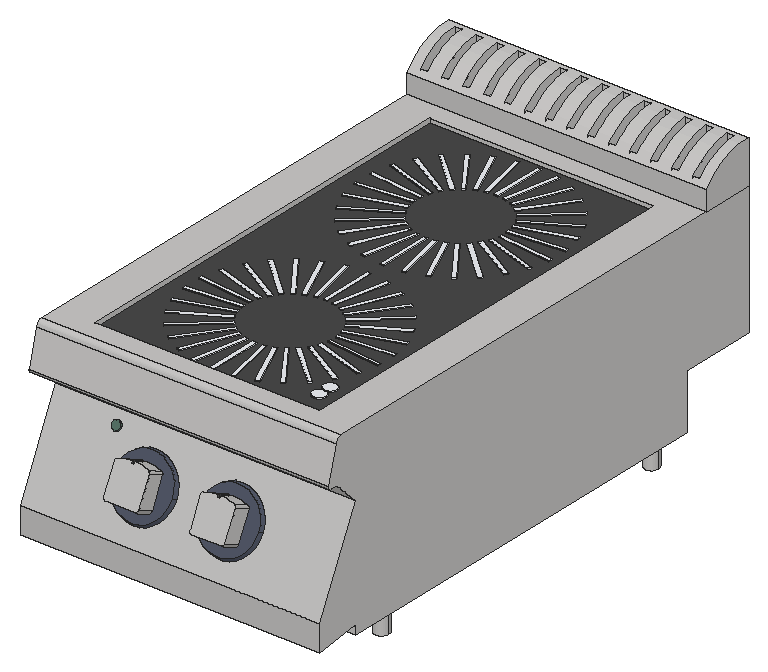
Revit family "QF_ZANUSSI_372024_Z7IRED2000", category Specialty Equipment, Revit 2018
Family settings
  Round Connector Dimension = Use Diameter
  Part Type = Normal
  Work Plane-Based = No
  Always vertical = Yes
  Cut with Voids When Loaded = No
  Shared = No
  Room Calculation Point = No
Parameters
  Width = 400.00 mm  # constant formula
  Weight in Pounds = 33  # constant formula
  Weight = 0.00 kg
  Watts = 4400 W  # constant formula
  Volts = 400 V  # constant formula
  URL Manufacturer = "http://www.zanussiprofessional.com"
  URL Cutsheet = "www.electrolux.com/foodservice"
  URL = "http://www.zanussiprofessional.com"
  Type Mark [instance] = ""
  Steam Supply Size = 0"
  Steam Supply Minimum Pressure = 0.00 psi
  Steam Supply Maximum Pressure = 0.00 psi
  Steam Pounds per Hour = 0
  Status [instance] = ""
  Specification by User [instance] = ""
  Specification by Manufacturer = ""
  Show Logo [instance] = yes
  Show Clearance [instance] = yes
  Serial Number = ""
  Seismic Rating = ""
  SMACNA No = ""
  Revision Code [instance] = ""
  Refrigeration Suction Line Size = 0"
  Refrigeration Liquid Line Size = 0"
  Refrigerant Compressor Remote = yes
  Phase = 3  # constant formula
  Omniclass Number and Title = ""
  Number of Poles [instance] = 1
  NAFEM Spec ID Number = ""
  Model = "Z7IRED2000"
  Min Ckt Ampacity = 0 A
  Max Overcurrent Protection = 0 A
  Masterspec = ""
  Manufacturer = "Zanussi"
  Length Actual = 400.00 mm  # constant formula
  Item Number [instance] = "372024"
  Installed By [instance] = ""
  Identify Quantity as Lot [instance] = yes
  Hot Water Size = 0"
  Height Actual = 250.00 mm  # constant formula
  Height = 332.00 mm  # constant formula
  HP = "5.9 HP"
  Gas Size = 0"
  Gas KW = 0
  Gas Input = 0.0 Btu/h
  Furnished By [instance] = ""
  Foodservice Equipment Identifier [instance] = yes
  FL Amps = if(Phase = 3, Watts / (Volts * 1.73), Watts / Volts)  # 6.35838 A
  Electrical Remarks [instance] = "400 V/3N ph/50/60 Hz"  # constant formula
  Electric Connection Type [instance] = ""
  Elec Conn RI Height [instance] = 0.00 mm
  Elec Conn Connection Height [instance] = 0.00 mm
  Direct Waste Size = 0"
  Description = "INFRARED COOKING TOP 400 MM"
  Depth Actual = 700.00 mm  # constant formula
  Depth = 715.00 mm  # constant formula
  Cycle = if([60 Hertz Option], 60 Hz, 50 Hz)  # 60 Hz
  Conn Plug = ""
  Conn Conduit = yes
  Condensate Return Size = 0"
  Compressed Air Volume = 0 GPM
  Compressed Air Size = 0"
  Compressed Air Pressure = 0.00 psi
  Cold Water Size = 0"
  CSI MasterFormat = ""
  CSI Master Format = ""
  Base Height [instance] = 24.00 mm  # constant formula
  Apparent Power = if(Phase = 3, Volts * FL Amps * 1.73, Volts * FL Amps)  # 4400 VA
  Accessory = yes
  60 Hertz Option = not([50 Hertz Option])  # yes
  50 Hertz Option = no
Reference planes
  plane 1 "BACK": y = 0
  plane 2: z = 0
  plane 3 "LEFT": x = 0
  plane 4 "RIGHT": x = 400
  plane 5 "FRONT": y = -715
  plane 6 "TOP": z = 332
  plane 7 "Center Y": x = 200
  plane 8 "Center X": y = -357.5
  plane 9 "BASE": z = 24
  plane 10 "TOP A": z = 274
  plane 11: y = -597.884
  plane 12: y = -147.637
  plane 13: y = -700
  plane 14 "panel": through (-6096, -715, 63.746) normal (0, 0.8956, -0.4448)
Forms (mm)
  Extrusion 1, solid, material "QF_Finishes_Stainless Steel"
    sketch origin (0, 0, 0) x (0, 1, 0) y (0, 0, 1)
      loop
        line (0, 98) -> (0, 274) -> (-679.358, 274)
        arc (-679.358, 274) -> (-684.643, 271.811) -> (-686.833, 266.526) r 7.474
        line (-686.833, 266.526) -> (-699.884, 221.011)
        arc (-699.884, 221.011) -> (-699.396, 218.379) -> (-697, 217.184) r 3
        line (-697, 217.184) -> (-686.802, 217.184) -> (-654.982, 185.364) -> (-715, 64.508) -> (-715, 29.508) -> (-658.645, 37.428)
        arc (-658.645, 37.428) -> (-656.101, 36.674) -> (-655, 34.259) r 3.2
        line (-655, 34.259) -> (-655, 24) -> (-103, 24) -> (-103, 98) -> (0, 98)
    from 0 to 400
  Extrusion 2, solid, material "QF_Finishes_Stainless Steel"
    sketch origin (0, 0, 0) x (0, 1, 0) y (0, 0, 1)
      loop
        line (0, 274) -> (0, 332)
        arc (0, 332) -> (-38.715, 323.821) -> (-69.85, 299.4) r 87.358
        line (-69.85, 299.4) -> (-69.85, 274) -> (0, 274)
    from 0 to 400
  Extrusion 3, void
    sketch origin (0, 0, 274) x (-1, 0, 0) y (0, -1, 0)
      loop
        line (-50, 93.262) -> (-50, 653.262) -> (-350, 653.262) -> (-350, 93.262) -> (-50, 93.262)
    from 0 to -6.35
  Extrusion 4, void
    sketch origin (0, 0, 274) x (-1, 0, 0) y (0, -1, 0)
      loop
        line (-13.453, 6.761) -> (-13.453, 63.911) -> (-22.749, 63.911) -> (-22.749, 6.761) -> (-13.453, 6.761)
    from 25.4 to 63.5
  Extrusion 5, void
    sketch origin (400.05, 0, 274) x (1, 0, 0) y (0, 1, 0)
      loop
        line (-13.503, -6.761) -> (-22.799, -6.761) -> (-22.799, -63.911) -> (-13.503, -63.911) -> (-13.503, -6.761)
    from 25.4 to 63.5
  Extrusion 6, void
    sketch origin (27.988, 0, 274) x (-1, 0, 0) y (0, -1, 0)
      loop
        line (-13.453, 6.761) -> (-13.453, 63.911) -> (-22.749, 63.911) -> (-22.749, 6.761) -> (-13.453, 6.761)
    from 25.4 to 63.5
  Extrusion 7, void
    sketch origin (55.977, 0, 274) x (-1, 0, 0) y (0, -1, 0)
      loop
        line (-13.453, 6.761) -> (-13.453, 63.911) -> (-22.749, 63.911) -> (-22.749, 6.761) -> (-13.453, 6.761)
    from 25.4 to 63.5
  Extrusion 8, void
    sketch origin (83.965, 0, 274) x (-1, 0, 0) y (0, -1, 0)
      loop
        line (-13.428, 6.761) -> (-13.428, 63.911) -> (-22.724, 63.911) -> (-22.724, 6.761) -> (-13.428, 6.761)
    from 25.4 to 63.5
  Extrusion 9, void
    sketch origin (111.953, 0, 274) x (-1, 0, 0) y (0, -1, 0)
      loop
        line (-13.428, 6.761) -> (-13.428, 63.911) -> (-22.724, 63.911) -> (-22.724, 6.761) -> (-13.428, 6.761)
    from 25.4 to 63.5
  Extrusion 10, void
    sketch origin (139.942, 0, 274) x (-1, 0, 0) y (0, -1, 0)
      loop
        line (-13.428, 6.761) -> (-13.428, 63.911) -> (-22.724, 63.911) -> (-22.724, 6.761) -> (-13.428, 6.761)
    from 25.4 to 63.5
  Extrusion 11, void
    sketch origin (167.93, 0, 274) x (-1, 0, 0) y (0, -1, 0)
      loop
        line (-13.428, 6.761) -> (-13.428, 63.911) -> (-22.724, 63.911) -> (-22.724, 6.761) -> (-13.428, 6.761)
    from 25.4 to 63.5
  Extrusion 12, void
    sketch origin (195.918, 0, 274) x (-1, 0, 0) y (0, -1, 0)
      loop
        line (-13.428, 6.761) -> (-13.428, 63.911) -> (-22.724, 63.911) -> (-22.724, 6.761) -> (-13.428, 6.761)
    from 25.4 to 63.5
  Extrusion 13, void
    sketch origin (223.907, 0, 274) x (-1, 0, 0) y (0, -1, 0)
      loop
        line (-13.428, 6.761) -> (-13.428, 63.911) -> (-22.724, 63.911) -> (-22.724, 6.761) -> (-13.428, 6.761)
    from 25.4 to 63.5
  Extrusion 14, void
    sketch origin (251.895, 0, 274) x (-1, 0, 0) y (0, -1, 0)
      loop
        line (-13.428, 6.761) -> (-13.428, 63.911) -> (-22.724, 63.911) -> (-22.724, 6.761) -> (-13.428, 6.761)
    from 25.4 to 63.5
  Extrusion 15, void
    sketch origin (279.884, 0, 274) x (-1, 0, 0) y (0, -1, 0)
      loop
        line (-13.403, 6.761) -> (-13.403, 63.911) -> (-22.699, 63.911) -> (-22.699, 6.761) -> (-13.403, 6.761)
    from 25.4 to 63.5
  Extrusion 16, void
    sketch origin (307.872, 0, 274) x (-1, 0, 0) y (0, -1, 0)
      loop
        line (-13.403, 6.761) -> (-13.403, 63.911) -> (-22.699, 63.911) -> (-22.699, 6.761) -> (-13.403, 6.761)
    from 25.4 to 63.5
  Extrusion 17, void
    sketch origin (335.86, 0, 274) x (-1, 0, 0) y (0, -1, 0)
      loop
        line (-13.403, 6.761) -> (-13.403, 63.911) -> (-22.699, 63.911) -> (-22.699, 6.761) -> (-13.403, 6.761)
    from 25.4 to 63.5
  Extrusion 18, solid, material "QF_Finishes_Stainless Steel"
    sketch origin (0, 0, 0) x (1, 0, 0) y (0, 1, 0)
      loop
        circle (11.112, -147.638) r 9.525
      loop
        circle (11.112, -597.884) r 9.525
      loop
        circle (388.887, -147.638) r 9.525
      loop
        circle (388.887, -597.884) r 9.525
    from 0 to 24
  Extrusion 19, solid, material "QF_Finishes_Stainless Steel"
    sketch origin (11.5, -101.6, 101.788) x (0, 0, -1) y (-1, 0, 0)
      loop
        circle (43.882, -336.5) r 12.7
    from -1.4 to 12.7
  Extrusion 20, solid, material "QF_Finishes_Clearance", visible <- "Show Clearance", detail levels coarse
    sketch origin (0, 0, 0) x (1, 0, 0) y (0, 1, 0)
      loop
        line (0, -715) -> (0, 0) -> (400, 0) -> (400, -715) -> (550.019, -715) -> (550.019, 150.019) -> (-150.019, 150.019) -> (-150.019, -715) -> (0, -715)
    from 0 to 332
  Extrusion 21, solid, material "QF_Finishes_White"
    sketch origin (0, 0, 267.65) x (-1, 0, 0) y (0, -1, 0)
      loop
        line (-196.926, 361.478) -> (-201.926, 361.478) -> (-201.926, 288.082) -> (-196.926, 288.082) -> (-196.926, 361.478)
    from 0 to 0.8
  Extrusion 22, solid, material "QF_Finishes_White"
    sketch origin (52.177, 36.558, 267.65) x (-0.978148, 0.207912, 0) y (-0.207912, -0.978148, 0)
      loop
        line (-196.926, 361.478) -> (-201.926, 361.478) -> (-201.926, 288.082) -> (-196.926, 288.082) -> (-196.926, 361.478)
    from 0 to 0.8
  Extrusion 23, solid, material "QF_Finishes_White"
    sketch origin (-43.436, -46.607, 267.65) x (-0.978148, -0.207912, 0) y (0.207912, -0.978148, 0)
      loop
        line (-196.926, 361.478) -> (-201.926, 361.478) -> (-201.926, 288.082) -> (-196.926, 288.082) -> (-196.926, 361.478)
    from 0 to 0.8
  Extrusion 24, solid, material "QF_Finishes_White"
    sketch origin (-76.233, -101.226, 267.65) x (-0.913545, -0.406737, 0) y (0.406737, -0.913545, 0)
      loop
        line (-196.926, 361.478) -> (-201.926, 361.478) -> (-201.926, 288.082) -> (-196.926, 288.082) -> (-196.926, 361.478)
    from 0 to 0.8
  Extrusion 25, solid, material "QF_Finishes_White"
    sketch origin (-96.957, -161.471, 267.65) x (-0.809017, -0.587785, 0) y (0.587785, -0.809017, 0)
      loop
        line (-196.926, 361.478) -> (-201.926, 361.478) -> (-201.926, 288.082) -> (-196.926, 288.082) -> (-196.926, 361.478)
    from 0 to 0.8
  Extrusion 26, solid, material "QF_Finishes_White"
    sketch origin (-104.703, -224.708, 267.65) x (-0.669131, -0.743145, 0) y (0.743145, -0.669131, 0)
      loop
        line (-196.926, 361.478) -> (-201.926, 361.478) -> (-201.926, 288.082) -> (-196.926, 288.082) -> (-196.926, 361.478)
    from 0 to 0.8
  Extrusion 27, solid, material "QF_Finishes_White"
    sketch origin (-99.132, -288.174, 267.65) x (-0.5, -0.866025, 0) y (0.866025, -0.5, 0)
      loop
        line (-196.926, 361.478) -> (-201.926, 361.478) -> (-201.926, 288.082) -> (-196.926, 288.082) -> (-196.926, 361.478)
    from 0 to 0.8
  Extrusion 28, solid, material "QF_Finishes_White"
    sketch origin (-80.487, -349.094, 267.65) x (-0.309017, -0.951057, 0) y (0.951057, -0.309017, 0)
      loop
        line (-196.926, 361.478) -> (-201.926, 361.478) -> (-201.926, 288.082) -> (-196.926, 288.082) -> (-196.926, 361.478)
    from 0 to 0.8
  Extrusion 29, solid, material "QF_Finishes_White"
    sketch origin (-49.583, -404.807, 267.65) x (-0.104528, -0.994522, 0) y (0.994522, -0.104528, 0)
      loop
        line (-196.926, 361.478) -> (-201.926, 361.478) -> (-201.926, 288.082) -> (-196.926, 288.082) -> (-196.926, 361.478)
    from 0 to 0.8
  Extrusion 30, solid, material "QF_Finishes_White"
    sketch origin (-7.772, -452.877, 267.65) x (0.104528, -0.994522, 0) y (0.994522, 0.104528, 0)
      loop
        line (-196.926, 361.478) -> (-201.926, 361.478) -> (-201.926, 288.082) -> (-196.926, 288.082) -> (-196.926, 361.478)
    from 0 to 0.8
  Extrusion 31, solid, material "QF_Finishes_White"
    sketch origin (43.12, -491.203, 267.65) x (0.309017, -0.951057, 0) y (0.951057, 0.309017, 0)
      loop
        line (-196.926, 361.478) -> (-201.926, 361.478) -> (-201.926, 288.082) -> (-196.926, 288.082) -> (-196.926, 361.478)
    from 0 to 0.8
  Extrusion 32, solid, material "QF_Finishes_White"
    sketch origin (100.868, -518.111, 267.65) x (0.5, -0.866025, 0) y (0.866025, 0.5, 0)
      loop
        line (-196.926, 361.478) -> (-201.926, 361.478) -> (-201.926, 288.082) -> (-196.926, 288.082) -> (-196.926, 361.478)
    from 0 to 0.8
  Extrusion 33, solid, material "QF_Finishes_White"
    sketch origin (162.949, -532.424, 267.65) x (0.669131, -0.743145, 0) y (0.743145, 0.669131, 0)
      loop
        line (-196.926, 361.478) -> (-201.926, 361.478) -> (-201.926, 288.082) -> (-196.926, 288.082) -> (-196.926, 361.478)
    from 0 to 0.8
  Extrusion 34, solid, material "QF_Finishes_White"
    sketch origin (226.65, -533.518, 267.65) x (0.809017, -0.587785, 0) y (0.587785, 0.809017, 0)
      loop
        line (-196.926, 361.478) -> (-201.926, 361.478) -> (-201.926, 288.082) -> (-196.926, 288.082) -> (-196.926, 361.478)
    from 0 to 0.8
  Extrusion 35, solid, material "QF_Finishes_White"
    sketch origin (289.185, -521.343, 267.65) x (0.913545, -0.406737, 0) y (0.406737, 0.913545, 0)
      loop
        line (-196.926, 361.478) -> (-201.926, 361.478) -> (-201.926, 288.082) -> (-196.926, 288.082) -> (-196.926, 361.478)
    from 0 to 0.8
  Extrusion 36, solid, material "QF_Finishes_White"
    sketch origin (347.823, -496.432, 267.65) x (0.978148, -0.207912, 0) y (0.207912, 0.978148, 0)
      loop
        line (-196.926, 361.478) -> (-201.926, 361.478) -> (-201.926, 288.082) -> (-196.926, 288.082) -> (-196.926, 361.478)
    from 0 to 0.8
  Extrusion 37, solid, material "QF_Finishes_White"
    sketch origin (400, -459.875, 267.65) x (1, 0, 0) y (0, 1, 0)
      loop
        line (-196.926, 361.478) -> (-201.926, 361.478) -> (-201.926, 288.082) -> (-196.926, 288.082) -> (-196.926, 361.478)
    from 0 to 0.8
  Extrusion 38, solid, material "QF_Finishes_White"
    sketch origin (443.436, -413.268, 267.65) x (0.978148, 0.207912, 0) y (-0.207912, 0.978148, 0)
      loop
        line (-196.926, 361.478) -> (-201.926, 361.478) -> (-201.926, 288.082) -> (-196.926, 288.082) -> (-196.926, 361.478)
    from 0 to 0.8
  Extrusion 39, solid, material "QF_Finishes_White"
    sketch origin (476.233, -358.648, 267.65) x (0.913545, 0.406737, 0) y (-0.406737, 0.913545, 0)
      loop
        line (-196.926, 361.478) -> (-201.926, 361.478) -> (-201.926, 288.082) -> (-196.926, 288.082) -> (-196.926, 361.478)
    from 0 to 0.8
  Extrusion 40, solid, material "QF_Finishes_White"
    sketch origin (496.957, -298.403, 267.65) x (0.809017, 0.587785, 0) y (-0.587785, 0.809017, 0)
      loop
        line (-196.926, 361.478) -> (-201.926, 361.478) -> (-201.926, 288.082) -> (-196.926, 288.082) -> (-196.926, 361.478)
    from 0 to 0.8
  Extrusion 41, solid, material "QF_Finishes_White"
    sketch origin (504.703, -235.166, 267.65) x (0.669131, 0.743145, 0) y (-0.743145, 0.669131, 0)
      loop
        line (-196.926, 361.478) -> (-201.926, 361.478) -> (-201.926, 288.082) -> (-196.926, 288.082) -> (-196.926, 361.478)
    from 0 to 0.8
  Extrusion 42, solid, material "QF_Finishes_White"
    sketch origin (499.132, -171.701, 267.65) x (0.5, 0.866025, 0) y (-0.866025, 0.5, 0)
      loop
        line (-196.926, 361.478) -> (-201.926, 361.478) -> (-201.926, 288.082) -> (-196.926, 288.082) -> (-196.926, 361.478)
    from 0 to 0.8
  Extrusion 43, solid, material "QF_Finishes_White"
    sketch origin (480.487, -110.781, 267.65) x (0.309017, 0.951057, 0) y (-0.951057, 0.309017, 0)
      loop
        line (-196.926, 361.478) -> (-201.926, 361.478) -> (-201.926, 288.082) -> (-196.926, 288.082) -> (-196.926, 361.478)
    from 0 to 0.8
  Extrusion 44, solid, material "QF_Finishes_White"
    sketch origin (449.583, -55.068, 267.65) x (0.104528, 0.994522, 0) y (-0.994522, 0.104528, 0)
      loop
        line (-196.926, 361.478) -> (-201.926, 361.478) -> (-201.926, 288.082) -> (-196.926, 288.082) -> (-196.926, 361.478)
    from 0 to 0.8
  Extrusion 45, solid, material "QF_Finishes_White"
    sketch origin (407.772, -6.998, 267.65) x (-0.104528, 0.994522, 0) y (-0.994522, -0.104528, 0)
      loop
        line (-196.926, 361.478) -> (-201.926, 361.478) -> (-201.926, 288.082) -> (-196.926, 288.082) -> (-196.926, 361.478)
    from 0 to 0.8
  Extrusion 46, solid, material "QF_Finishes_White"
    sketch origin (356.88, 31.329, 267.65) x (-0.309017, 0.951057, 0) y (-0.951057, -0.309017, 0)
      loop
        line (-196.926, 361.478) -> (-201.926, 361.478) -> (-201.926, 288.082) -> (-196.926, 288.082) -> (-196.926, 361.478)
    from 0 to 0.8
  Extrusion 47, solid, material "QF_Finishes_White"
    sketch origin (299.132, 58.236, 267.65) x (-0.5, 0.866025, 0) y (-0.866025, -0.5, 0)
      loop
        line (-196.926, 361.478) -> (-201.926, 361.478) -> (-201.926, 288.082) -> (-196.926, 288.082) -> (-196.926, 361.478)
    from 0 to 0.8
  Extrusion 48, solid, material "QF_Finishes_White"
    sketch origin (237.051, 72.55, 267.65) x (-0.669131, 0.743145, 0) y (-0.743145, -0.669131, 0)
      loop
        line (-196.926, 361.478) -> (-201.926, 361.478) -> (-201.926, 288.082) -> (-196.926, 288.082) -> (-196.926, 361.478)
    from 0 to 0.8
  Extrusion 49, solid, material "QF_Finishes_White"
    sketch origin (173.35, 73.643, 267.65) x (-0.809017, 0.587785, 0) y (-0.587785, -0.809017, 0)
      loop
        line (-196.926, 361.478) -> (-201.926, 361.478) -> (-201.926, 288.082) -> (-196.926, 288.082) -> (-196.926, 361.478)
    from 0 to 0.8
  Extrusion 50, solid, material "QF_Finishes_White"
    sketch origin (110.815, 61.468, 267.65) x (-0.913545, 0.406737, 0) y (-0.406737, -0.913545, 0)
      loop
        line (-196.926, 361.478) -> (-201.926, 361.478) -> (-201.926, 288.082) -> (-196.926, 288.082) -> (-196.926, 361.478)
    from 0 to 0.8
  Extrusion 51, solid, material "QF_Finishes_White"
    sketch origin (0, -285, 267.65) x (-1, 0, 0) y (0, -1, 0)
      loop
        line (-196.926, 361.478) -> (-201.926, 361.478) -> (-201.926, 288.082) -> (-196.926, 288.082) -> (-196.926, 361.478)
    from 0 to 0.8
  Extrusion 52, solid, material "QF_Finishes_White"
    sketch origin (52.177, -248.442, 267.65) x (-0.978148, 0.207912, 0) y (-0.207912, -0.978148, 0)
      loop
        line (-196.926, 361.478) -> (-201.926, 361.478) -> (-201.926, 288.082) -> (-196.926, 288.082) -> (-196.926, 361.478)
    from 0 to 0.8
  Extrusion 53, solid, material "QF_Finishes_White"
    sketch origin (-43.436, -331.607, 267.65) x (-0.978148, -0.207912, 0) y (0.207912, -0.978148, 0)
      loop
        line (-196.926, 361.478) -> (-201.926, 361.478) -> (-201.926, 288.082) -> (-196.926, 288.082) -> (-196.926, 361.478)
    from 0 to 0.8
  Extrusion 54, solid, material "QF_Finishes_White"
    sketch origin (-76.233, -386.226, 267.65) x (-0.913545, -0.406737, 0) y (0.406737, -0.913545, 0)
      loop
        line (-196.926, 361.478) -> (-201.926, 361.478) -> (-201.926, 288.082) -> (-196.926, 288.082) -> (-196.926, 361.478)
    from 0 to 0.8
  Extrusion 55, solid, material "QF_Finishes_White"
    sketch origin (-96.957, -446.471, 267.65) x (-0.809017, -0.587785, 0) y (0.587785, -0.809017, 0)
      loop
        line (-196.926, 361.478) -> (-201.926, 361.478) -> (-201.926, 288.082) -> (-196.926, 288.082) -> (-196.926, 361.478)
    from 0 to 0.8
  Extrusion 56, solid, material "QF_Finishes_White"
    sketch origin (-104.703, -509.708, 267.65) x (-0.669131, -0.743145, 0) y (0.743145, -0.669131, 0)
      loop
        line (-196.926, 361.478) -> (-201.926, 361.478) -> (-201.926, 288.082) -> (-196.926, 288.082) -> (-196.926, 361.478)
    from 0 to 0.8
  Extrusion 57, solid, material "QF_Finishes_White"
    sketch origin (-99.132, -573.174, 267.65) x (-0.5, -0.866025, 0) y (0.866025, -0.5, 0)
      loop
        line (-196.926, 361.478) -> (-201.926, 361.478) -> (-201.926, 288.082) -> (-196.926, 288.082) -> (-196.926, 361.478)
    from 0 to 0.8
  Extrusion 58, solid, material "QF_Finishes_White"
    sketch origin (-80.487, -634.094, 267.65) x (-0.309017, -0.951057, 0) y (0.951057, -0.309017, 0)
      loop
        line (-196.926, 361.478) -> (-201.926, 361.478) -> (-201.926, 288.082) -> (-196.926, 288.082) -> (-196.926, 361.478)
    from 0 to 0.8
  Extrusion 59, solid, material "QF_Finishes_White"
    sketch origin (-49.583, -689.807, 267.65) x (-0.104528, -0.994522, 0) y (0.994522, -0.104528, 0)
      loop
        line (-196.926, 361.478) -> (-201.926, 361.478) -> (-201.926, 288.082) -> (-196.926, 288.082) -> (-196.926, 361.478)
    from 0 to 0.8
  Extrusion 60, solid, material "QF_Finishes_White"
    sketch origin (-7.772, -737.877, 267.65) x (0.104528, -0.994522, 0) y (0.994522, 0.104528, 0)
      loop
        line (-196.926, 361.478) -> (-201.926, 361.478) -> (-201.926, 288.082) -> (-196.926, 288.082) -> (-196.926, 361.478)
    from 0 to 0.8
  Extrusion 61, solid, material "QF_Finishes_White"
    sketch origin (43.12, -776.203, 267.65) x (0.309017, -0.951057, 0) y (0.951057, 0.309017, 0)
      loop
        line (-196.926, 361.478) -> (-201.926, 361.478) -> (-201.926, 288.082) -> (-196.926, 288.082) -> (-196.926, 361.478)
    from 0 to 0.8
  Extrusion 62, solid, material "QF_Finishes_White"
    sketch origin (100.868, -803.111, 267.65) x (0.5, -0.866025, 0) y (0.866025, 0.5, 0)
      loop
        line (-196.926, 361.478) -> (-201.926, 361.478) -> (-201.926, 288.082) -> (-196.926, 288.082) -> (-196.926, 361.478)
    from 0 to 0.8
  Extrusion 63, solid, material "QF_Finishes_White"
    sketch origin (162.949, -817.424, 267.65) x (0.669131, -0.743145, 0) y (0.743145, 0.669131, 0)
      loop
        line (-196.926, 361.478) -> (-201.926, 361.478) -> (-201.926, 288.082) -> (-196.926, 288.082) -> (-196.926, 361.478)
    from 0 to 0.8
  Extrusion 64, solid, material "QF_Finishes_White"
    sketch origin (226.65, -818.518, 267.65) x (0.809017, -0.587785, 0) y (0.587785, 0.809017, 0)
      loop
        line (-196.926, 361.478) -> (-201.926, 361.478) -> (-201.926, 288.082) -> (-196.926, 288.082) -> (-196.926, 361.478)
    from 0 to 0.8
  Extrusion 65, solid, material "QF_Finishes_White"
    sketch origin (289.185, -806.343, 267.65) x (0.913545, -0.406737, 0) y (0.406737, 0.913545, 0)
      loop
        line (-196.926, 361.478) -> (-201.926, 361.478) -> (-201.926, 288.082) -> (-196.926, 288.082) -> (-196.926, 361.478)
    from 0 to 0.8
  Extrusion 66, solid, material "QF_Finishes_White"
    sketch origin (347.823, -781.432, 267.65) x (0.978148, -0.207912, 0) y (0.207912, 0.978148, 0)
      loop
        line (-196.926, 361.478) -> (-201.926, 361.478) -> (-201.926, 288.082) -> (-196.926, 288.082) -> (-196.926, 361.478)
    from 0 to 0.8
  Extrusion 67, solid, material "QF_Finishes_White"
    sketch origin (400, -744.875, 267.65) x (1, 0, 0) y (0, 1, 0)
      loop
        line (-196.926, 361.478) -> (-201.926, 361.478) -> (-201.926, 288.082) -> (-196.926, 288.082) -> (-196.926, 361.478)
    from 0 to 0.8
  Extrusion 68, solid, material "QF_Finishes_White"
    sketch origin (443.436, -698.268, 267.65) x (0.978148, 0.207912, 0) y (-0.207912, 0.978148, 0)
      loop
        line (-196.926, 361.478) -> (-201.926, 361.478) -> (-201.926, 288.082) -> (-196.926, 288.082) -> (-196.926, 361.478)
    from 0 to 0.8
  Extrusion 69, solid, material "QF_Finishes_White"
    sketch origin (476.233, -643.648, 267.65) x (0.913545, 0.406737, 0) y (-0.406737, 0.913545, 0)
      loop
        line (-196.926, 361.478) -> (-201.926, 361.478) -> (-201.926, 288.082) -> (-196.926, 288.082) -> (-196.926, 361.478)
    from 0 to 0.8
  Extrusion 70, solid, material "QF_Finishes_White"
    sketch origin (496.957, -583.403, 267.65) x (0.809017, 0.587785, 0) y (-0.587785, 0.809017, 0)
      loop
        line (-196.926, 361.478) -> (-201.926, 361.478) -> (-201.926, 288.082) -> (-196.926, 288.082) -> (-196.926, 361.478)
    from 0 to 0.8
  Extrusion 71, solid, material "QF_Finishes_White"
    sketch origin (504.703, -520.166, 267.65) x (0.669131, 0.743145, 0) y (-0.743145, 0.669131, 0)
      loop
        line (-196.926, 361.478) -> (-201.926, 361.478) -> (-201.926, 288.082) -> (-196.926, 288.082) -> (-196.926, 361.478)
    from 0 to 0.8
  Extrusion 72, solid, material "QF_Finishes_White"
    sketch origin (499.132, -456.701, 267.65) x (0.5, 0.866025, 0) y (-0.866025, 0.5, 0)
      loop
        line (-196.926, 361.478) -> (-201.926, 361.478) -> (-201.926, 288.082) -> (-196.926, 288.082) -> (-196.926, 361.478)
    from 0 to 0.8
  Extrusion 73, solid, material "QF_Finishes_White"
    sketch origin (480.487, -395.781, 267.65) x (0.309017, 0.951057, 0) y (-0.951057, 0.309017, 0)
      loop
        line (-196.926, 361.478) -> (-201.926, 361.478) -> (-201.926, 288.082) -> (-196.926, 288.082) -> (-196.926, 361.478)
    from 0 to 0.8
  Extrusion 74, solid, material "QF_Finishes_White"
    sketch origin (449.583, -340.068, 267.65) x (0.104528, 0.994522, 0) y (-0.994522, 0.104528, 0)
      loop
        line (-196.926, 361.478) -> (-201.926, 361.478) -> (-201.926, 288.082) -> (-196.926, 288.082) -> (-196.926, 361.478)
    from 0 to 0.8
  Extrusion 75, solid, material "QF_Finishes_White"
    sketch origin (407.772, -291.998, 267.65) x (-0.104528, 0.994522, 0) y (-0.994522, -0.104528, 0)
      loop
        line (-196.926, 361.478) -> (-201.926, 361.478) -> (-201.926, 288.082) -> (-196.926, 288.082) -> (-196.926, 361.478)
    from 0 to 0.8
  Extrusion 76, solid, material "QF_Finishes_White"
    sketch origin (356.88, -253.671, 267.65) x (-0.309017, 0.951057, 0) y (-0.951057, -0.309017, 0)
      loop
        line (-196.926, 361.478) -> (-201.926, 361.478) -> (-201.926, 288.082) -> (-196.926, 288.082) -> (-196.926, 361.478)
    from 0 to 0.8
  Extrusion 77, solid, material "QF_Finishes_White"
    sketch origin (299.132, -226.764, 267.65) x (-0.5, 0.866025, 0) y (-0.866025, -0.5, 0)
      loop
        line (-196.926, 361.478) -> (-201.926, 361.478) -> (-201.926, 288.082) -> (-196.926, 288.082) -> (-196.926, 361.478)
    from 0 to 0.8
  Extrusion 78, solid, material "QF_Finishes_White"
    sketch origin (237.051, -212.45, 267.65) x (-0.669131, 0.743145, 0) y (-0.743145, -0.669131, 0)
      loop
        line (-196.926, 361.478) -> (-201.926, 361.478) -> (-201.926, 288.082) -> (-196.926, 288.082) -> (-196.926, 361.478)
    from 0 to 0.8
  Extrusion 79, solid, material "QF_Finishes_White"
    sketch origin (173.35, -211.357, 267.65) x (-0.809017, 0.587785, 0) y (-0.587785, -0.809017, 0)
      loop
        line (-196.926, 361.478) -> (-201.926, 361.478) -> (-201.926, 288.082) -> (-196.926, 288.082) -> (-196.926, 361.478)
    from 0 to 0.8
  Extrusion 80, solid, material "QF_Finishes_White"
    sketch origin (110.815, -223.532, 267.65) x (-0.913545, 0.406737, 0) y (-0.406737, -0.913545, 0)
      loop
        line (-196.926, 361.478) -> (-201.926, 361.478) -> (-201.926, 288.082) -> (-196.926, 288.082) -> (-196.926, 361.478)
    from 0 to 0.8
  Blend 81, solid, material "QF_Finishes_Navy Blue"
    base sketch origin (142.5, -684.991, 124.174) x (1, 0, 0) y (0, 0.444781, 0.895639)
      loop
        circle (0, 0) r 42.5
    top sketch origin (142.5, -684.991, 124.174) x (1, 0, 0) y (0, 0.444781, 0.895639)
      loop
        circle (0, 0) r 40.5
    from 0 to 5
  Extrusion 82, solid, material "QF_Finishes_Stainless Steel"
    sketch origin (142.5, -684.991, 124.174) x (1, 0, 0) y (0, 0.444781, 0.895639)
      loop
        arc (-21.147, 22.789) -> (-22.494, 21.685) -> (-23, 20.019) r 2.997
        line (-23, 20.019) -> (-23, -20.019)
        arc (-23, -20.019) -> (-22.122, -22.138) -> (-20.003, -23.016) r 2.997
        line (-20.003, -23.016) -> (20.003, -23.016)
        arc (20.003, -23.016) -> (22.122, -22.138) -> (23, -20.019) r 2.997
        line (23, -20.019) -> (23, 20.019)
        arc (23, 20.019) -> (22.494, 21.685) -> (21.147, 22.789) r 2.997
        arc (21.147, 22.789) -> (0, 26.984) -> (-21.147, 22.789) r 55.4
    from 10 to 34
  Extrusion 83, solid, material "QF_Plastic-Black-Matte"
    sketch origin (200, -684.991, 124.174) x (0, 0.444781, 0.895639) y (0, -0.895639, 0.444781)
      loop
        line (26.984, 34) -> (26.984, 19) -> (27.984, 19) -> (27.984, 34)
        arc (27.984, 34) -> (27.691, 34.707) -> (26.984, 35) r 1
        line (26.984, 35) -> (23.984, 35) -> (23.984, 34) -> (26.984, 34)
    from -58.5 to -56.5
  Extrusion 84, solid, material "QF_Finishes_DarkGreen"
    sketch origin (142.5, -662.752, 168.956) x (1, 0, 0) y (0, 0.444781, 0.895639)
      loop
        circle (-55.001, 0) r 6
    from 0 to 1.6
  Extrusion 85, solid, material "QF_Finishes_Stainless Steel"
    sketch origin (142.5, -684.991, 124.174) x (1, 0, 0) y (0, 0.444781, 0.895639)
      loop
        line (17.5, 17.5) -> (-17.5, 17.5) -> (-17.5, -17.5) -> (17.5, -17.5) -> (17.5, 17.5)
    from 5 to 10
  Blend 86, solid, material "QF_Finishes_Navy Blue"
    base sketch origin (257.5, -684.991, 124.174) x (1, 0, 0) y (0, 0.444781, 0.895639)
      loop
        circle (0, 0) r 42.5
    top sketch origin (257.5, -684.991, 124.174) x (1, 0, 0) y (0, 0.444781, 0.895639)
      loop
        circle (0, 0) r 40.5
    from 0 to 5
  Extrusion 87, solid, material "QF_Finishes_Stainless Steel"
    sketch origin (257.5, -684.991, 124.174) x (1, 0, 0) y (0, 0.444781, 0.895639)
      loop
        arc (-21.147, 22.789) -> (-22.494, 21.685) -> (-23, 20.019) r 2.997
        line (-23, 20.019) -> (-23, -20.019)
        arc (-23, -20.019) -> (-22.122, -22.138) -> (-20.003, -23.016) r 2.997
        line (-20.003, -23.016) -> (20.003, -23.016)
        arc (20.003, -23.016) -> (22.122, -22.138) -> (23, -20.019) r 2.997
        line (23, -20.019) -> (23, 20.019)
        arc (23, 20.019) -> (22.494, 21.685) -> (21.147, 22.789) r 2.997
        arc (21.147, 22.789) -> (0, 26.984) -> (-21.147, 22.789) r 55.4
    from 10 to 34
  Extrusion 88, solid, material "QF_Finishes_Stainless Steel"
    sketch origin (257.5, -684.991, 124.174) x (1, 0, 0) y (0, 0.444781, 0.895639)
      loop
        line (17.5, 17.5) -> (-17.5, 17.5) -> (-17.5, -17.5) -> (17.5, -17.5) -> (17.5, 17.5)
    from 5 to 10
  Extrusion 89, solid, material "QF_Plastic-Black-Matte"
    sketch origin (200, -684.991, 124.174) x (0, 0.444781, 0.895639) y (0, 0.895639, -0.444781)
      loop
        line (26.984, -34) -> (23.984, -34) -> (23.984, -35) -> (26.984, -35)
        arc (26.984, -35) -> (27.691, -34.707) -> (27.984, -34) r 1
        line (27.984, -34) -> (27.984, -19) -> (26.984, -19) -> (26.984, -34)
    from -58.5 to -56.5
  Extrusion 90, solid, material "QF_Finishes_White"
    sketch origin (-81.443, 1, 273.238) x (-1, 0, 0) y (0, -1, 0)
      loop
        circle (-408.5, 607.884) r 9
    from 0 to 0.8
  Extrusion 91, solid, material "QF_Finishes_White"
    sketch origin (-81.443, -1232.769, 273.238) x (-1, 0, 0) y (0, -1, 0)
      loop
        circle (-408.5, -607.884) r 9
    from 0 to 0.8
Cuts and joins
  Extrusion 3, Extrusion 4 cuts Extrusion 1
  Extrusion 4, Extrusion 5, Extrusion 6, Extrusion 7, Extrusion 8, Extrusion 9, Extrusion 10, Extrusion 11, Extrusion 12, Extrusion 13, Extrusion 14, Extrusion 15, Extrusion 16, Extrusion 17 cuts Extrusion 2
Lines and regions (mm)
  Split face 1
    outline origin (142.401, -689.469, 126.397) x (1, 0, 0) y (0, 0.444781, 0.895639)
      loop
        line (-8.901, 38.561) -> (-8.901, 28.561) -> (-2.901, 28.561) -> (-2.901, 38.561) -> (-8.901, 38.561)
  Split face 2
    outline origin (142.401, -689.469, 126.397) x (1, 0, 0) y (0, 0.444781, 0.895639)
      loop
        line (-8.401, 38.061) -> (-8.401, 29.061) -> (-3.401, 29.061) -> (-3.401, 38.061) -> (-8.401, 38.061)
  Split face 3
    outline origin (142.401, -689.469, 126.397) x (1, 0, 0) y (0, 0.444781, 0.895639)
      loop
        line (-8.401, 34.061) -> (-3.401, 34.061)
  Split face 4
    outline origin (142.401, -689.469, 126.397) x (1, 0, 0) y (0, 0.444781, 0.895639)
      loop
        line (-8.401, 33.561) -> (-3.401, 33.561)
  Split face 5
    outline origin (142.401, -689.469, 126.397) x (1, 0, 0) y (0, 0.444781, 0.895639)
      loop
        circle (-5.901, 31.311) r 2.029
  Split face 6
    outline origin (142.5, -689.469, 126.397) x (0, -0.444781, -0.895639) y (1, 0, 0)
      loop
        circle (-34, 0) r 1.5
  Split face 7
    outline origin (257.5, -689.469, 126.397) x (0, -0.444781, -0.895639) y (1, 0, 0)
      loop
        circle (-34, 0) r 1.5
  Split face 8
    outline origin (251.5, -689.469, 126.397) x (1, 0, 0) y (0, 0.444781, 0.895639)
      loop
        line (-3, 38.561) -> (-3, 28.561) -> (3, 28.561) -> (3, 38.561) -> (-3, 38.561)
  Split face 9
    outline origin (251.5, -689.469, 126.397) x (1, 0, 0) y (0, 0.444781, 0.895639)
      loop
        line (-2.5, 38.061) -> (-2.5, 29.061) -> (2.5, 29.061) -> (2.5, 38.061) -> (-2.5, 38.061)
  Split face 10
    outline origin (251.5, -689.469, 126.397) x (1, 0, 0) y (0, 0.444781, 0.895639)
      loop
        line (-2.5, 33.561) -> (2.5, 33.561)
  Split face 11
    outline origin (251.5, -689.469, 126.397) x (1, 0, 0) y (0, 0.444781, 0.895639)
      loop
        line (-2.5, 33.061) -> (2.5, 33.061)
  Split face 12
    outline origin (251.5, -689.469, 126.397) x (1, 0, 0) y (0, 0.444781, 0.895639)
      loop
        circle (0, 35.811) r 2.031
  Split face 13
    outline origin (142.5, -689.469, 126.397) x (0.5, 0.385192, 0.775646) y (-0.866025, 0.222391, 0.44782)
      loop
        circle (-34, 0) r 1.5
  Split face 14
    outline origin (142.5, -689.469, 126.397) x (0.766044, -0.2859, -0.575706) y (0.642788, 0.340722, 0.686099)
      loop
        circle (-34, 0) r 1.5
  Split face 15
    outline origin (142.5, -689.469, 126.397) x (0.984808, 0.077235, 0.155526) y (-0.173648, 0.438024, 0.882032)
      loop
        circle (-34, 0) r 1.5
  Split face 16
    outline origin (142.5, -689.469, 126.397) x (0.984808, 0.077235, 0.155526) y (0.173648, -0.438024, -0.882032)
      loop
        circle (31.95, 11.629) r 1.5
  Split face 17
    outline origin (142.5, -689.469, 126.397) x (-0.5, 0.385192, 0.775646) y (0.866025, 0.222391, 0.44782)
      loop
        circle (-34, 0) r 1.5
  Split face 18
    outline origin (142.5, -689.469, 126.397) x (-0.766044, -0.2859, -0.575706) y (-0.642788, 0.340722, 0.686099)
      loop
        circle (-34, 0) r 1.5
  Split face 19
    outline origin (257.5, -689.469, 126.397) x (0.5, 0.385192, 0.775646) y (-0.866025, 0.222391, 0.44782)
      loop
        circle (-34, 0) r 1.5
  Split face 20
    outline origin (257.5, -689.469, 126.397) x (0.766044, -0.2859, -0.575706) y (0.642788, 0.340722, 0.686099)
      loop
        circle (-34, 0) r 1.5
  Split face 21
    outline origin (257.5, -689.469, 126.397) x (0.984808, 0.077235, 0.155526) y (-0.173648, 0.438024, 0.882032)
      loop
        circle (-34, 0) r 1.5
  Split face 22
    outline origin (257.5, -689.469, 126.397) x (-0.5, 0.385192, 0.775646) y (0.866025, 0.222391, 0.44782)
      loop
        circle (-34, 0) r 1.5
  Split face 23
    outline origin (257.5, -689.469, 126.397) x (-0.766044, -0.2859, -0.575706) y (-0.642788, 0.340722, 0.686099)
      loop
        circle (-34, 0) r 1.5
  Split face 24
    outline origin (257.5, -689.469, 126.397) x (-0.984808, 0.077235, 0.155526) y (0.173648, 0.438024, 0.882032)
      loop
        circle (-34, 0) r 1.5
  symbolic lines, style "QF-Clearances", visible <- "Show Clearance", detail levels coarse
    curve 1: line (-150.019, 150.019, 274) -> (-150.019, -716.377, 274)
    curve 2: line (550.019, 150.019, 274) -> (-150.019, 150.019, 274)
    curve 3: line (550.019, -716.377, 274) -> (550.019, 150.019, 274)
  symbolic lines
    curve 4: line (0, 0, 274) -> (400, 0, 274)
    curve 5: line (0, -715, 274) -> (0, 0, 274)
    curve 6: line (400, 0, 274) -> (400, -715, 274)
    curve 7: line (22.724, -6.761, 274) -> (22.724, -63.911, 274)
    curve 8: line (22.724, -63.911, 274) -> (13.428, -63.911, 274)
    curve 9: line (13.428, -63.911, 274) -> (13.428, -6.761, 274)
    curve 10: line (13.428, -6.761, 274) -> (22.724, -6.761, 274)
    curve 11: line (386.547, -6.761, 274) -> (386.547, -63.911, 274)
    curve 12: line (386.547, -63.911, 274) -> (377.251, -63.911, 274)
    curve 13: line (377.251, -63.911, 274) -> (377.251, -6.761, 274)
    curve 14: line (377.251, -6.761, 274) -> (386.547, -6.761, 274)
    curve 15: line (50.712, -6.761, 274) -> (50.712, -63.911, 274)
    curve 16: line (50.712, -63.911, 274) -> (41.416, -63.911, 274)
    curve 17: line (41.416, -63.911, 274) -> (41.416, -6.761, 274)
    curve 18: line (41.416, -6.761, 274) -> (50.712, -6.761, 274)
    curve 19: line (78.7, -6.761, 274) -> (78.7, -63.911, 274)
    curve 20: line (78.7, -63.911, 274) -> (69.405, -63.911, 274)
    curve 21: line (69.405, -63.911, 274) -> (69.405, -6.761, 274)
    curve 22: line (69.405, -6.761, 274) -> (78.7, -6.761, 274)
    curve 23: line (106.689, -6.761, 274) -> (106.689, -63.911, 274)
    curve 24: line (106.689, -63.911, 274) -> (97.393, -63.911, 274)
    curve 25: line (97.393, -63.911, 274) -> (97.393, -6.761, 274)
    curve 26: line (97.393, -6.761, 274) -> (106.689, -6.761, 274)
    curve 27: line (134.677, -6.761, 274) -> (134.677, -63.911, 274)
    curve 28: line (134.677, -63.911, 274) -> (125.381, -63.911, 274)
    curve 29: line (125.381, -63.911, 274) -> (125.381, -6.761, 274)
    curve 30: line (125.381, -6.761, 274) -> (134.677, -6.761, 274)
    curve 31: line (162.665, -6.761, 274) -> (162.665, -63.911, 274)
    curve 32: line (162.665, -63.911, 274) -> (153.37, -63.911, 274)
    curve 33: line (153.37, -63.911, 274) -> (153.37, -6.761, 274)
    curve 34: line (153.37, -6.761, 274) -> (162.665, -6.761, 274)
    curve 35: line (190.654, -6.761, 274) -> (190.654, -63.911, 274)
    curve 36: line (190.654, -63.911, 274) -> (181.358, -63.911, 274)
    curve 37: line (181.358, -63.911, 274) -> (181.358, -6.761, 274)
    curve 38: line (181.358, -6.761, 274) -> (190.654, -6.761, 274)
    curve 39: line (218.642, -6.761, 274) -> (218.642, -63.911, 274)
    curve 40: line (218.642, -63.911, 274) -> (209.346, -63.911, 274)
    curve 41: line (209.346, -63.911, 274) -> (209.346, -6.761, 274)
    curve 42: line (209.346, -6.761, 274) -> (218.642, -6.761, 274)
    curve 43: line (246.605, -6.761, 274) -> (246.605, -63.911, 274)
    curve 44: line (246.605, -63.911, 274) -> (237.31, -63.911, 274)
    curve 45: line (237.31, -63.911, 274) -> (237.31, -6.761, 274)
    curve 46: line (237.31, -6.761, 274) -> (246.605, -6.761, 274)
    curve 47: line (274.594, -6.761, 274) -> (274.594, -63.911, 274)
    curve 48: line (274.594, -63.911, 274) -> (265.298, -63.911, 274)
    curve 49: line (265.298, -63.911, 274) -> (265.298, -6.761, 274)
    curve 50: line (265.298, -6.761, 274) -> (274.594, -6.761, 274)
    curve 51: line (302.582, -6.761, 274) -> (302.582, -63.911, 274)
    curve 52: line (302.582, -63.911, 274) -> (293.286, -63.911, 274)
    curve 53: line (293.286, -63.911, 274) -> (293.286, -6.761, 274)
    curve 54: line (293.286, -6.761, 274) -> (302.582, -6.761, 274)
    curve 55: line (330.57, -6.761, 274) -> (330.57, -63.911, 274)
    curve 56: line (330.57, -63.911, 274) -> (321.275, -63.911, 274)
    curve 57: line (321.275, -63.911, 274) -> (321.275, -6.761, 274)
    curve 58: line (321.275, -6.761, 274) -> (330.57, -6.761, 274)
    curve 59: line (358.559, -6.761, 274) -> (358.559, -63.911, 274)
    curve 60: line (358.559, -63.911, 274) -> (349.263, -63.911, 274)
    curve 61: line (349.263, -63.911, 274) -> (349.263, -6.761, 274)
    curve 62: line (349.263, -6.761, 274) -> (358.559, -6.761, 274)
    curve 63: line (31.725, -69.85, 274) -> (0, -69.85, 274)
    curve 64: line (0, -69.85, 274) -> (0, -120.65, 274)
    curve 65: line (0, -69.85, 274) -> (400, -69.85, 274)
    curve 66: line (326.512, -356.903, 267.65) -> (338.006, -356.903, 267.65)
    curve 67: line (326.512, -389.159, 267.65) -> (326.512, -356.903, 267.65)
    curve 68: line (338.006, -389.159, 267.65) -> (326.512, -389.159, 267.65)
    curve 69: line (338.006, -356.903, 267.65) -> (338.006, -389.159, 267.65)
    curve 70: line (50, -653.262, 267.65) -> (50, -93.262, 267.65)
    curve 71: line (50, -93.262, 267.65) -> (350, -93.262, 267.65)
    curve 72: line (350, -93.262, 267.65) -> (350, -653.262, 267.65)
    curve 73: line (350, -653.262, 267.65) -> (50, -653.262, 267.65)
    curve 74: line (201.926, -361.478, 266.887) -> (201.926, -288.082, 266.887)
    curve 75: line (201.926, -288.082, 266.887) -> (196.926, -288.082, 266.887)
    curve 76: line (196.926, -288.082, 266.887) -> (196.926, -361.478, 266.887)
    curve 77: line (196.926, -361.478, 266.887) -> (201.926, -361.478, 266.887)
    curve 78: line (174.535, -359.004, 266.887) -> (189.794, -287.212, 266.887)
    curve 79: line (189.794, -287.212, 266.887) -> (184.904, -286.172, 266.887)
    curve 80: line (184.904, -286.172, 266.887) -> (169.644, -357.964, 266.887)
    curve 81: line (169.644, -357.964, 266.887) -> (174.535, -359.004, 266.887)
    curve 82: line (229.232, -358.203, 266.887) -> (213.972, -286.411, 266.887)
    curve 83: line (213.972, -286.411, 266.887) -> (209.082, -287.451, 266.887)
    curve 84: line (209.082, -287.451, 266.887) -> (224.342, -359.243, 266.887)
    curve 85: line (224.342, -359.243, 266.887) -> (229.232, -358.203, 266.887)
    curve 86: line (255.262, -349.323, 266.887) -> (225.409, -282.272, 266.887)
    curve 87: line (225.409, -282.272, 266.887) -> (220.841, -284.306, 266.887)
    curve 88: line (220.841, -284.306, 266.887) -> (250.694, -351.356, 266.887)
    curve 89: line (250.694, -351.356, 266.887) -> (255.262, -349.323, 266.887)
    curve 90: line (278.876, -335.224, 266.887) -> (235.735, -275.846, 266.887)
    curve 91: line (235.735, -275.846, 266.887) -> (231.689, -278.785, 266.887)
    curve 92: line (231.689, -278.785, 266.887) -> (274.83, -338.163, 266.887)
    curve 93: line (274.83, -338.163, 266.887) -> (278.876, -335.224, 266.887)
    curve 94: line (299.042, -316.524, 266.887) -> (244.499, -267.413, 266.887)
    curve 95: line (244.499, -267.413, 266.887) -> (241.153, -271.129, 266.887)
    curve 96: line (241.153, -271.129, 266.887) -> (295.697, -320.24, 266.887)
    curve 97: line (295.697, -320.24, 266.887) -> (299.042, -316.524, 266.887)
    curve 98: line (314.88, -294.04, 266.887) -> (251.318, -257.342, 266.887)
    curve 99: line (251.318, -257.342, 266.887) -> (248.818, -261.672, 266.887)
    curve 100: line (248.818, -261.672, 266.887) -> (312.38, -298.37, 266.887)
    curve 101: line (312.38, -298.37, 266.887) -> (314.88, -294.04, 266.887)
    curve 102: line (325.698, -268.754, 266.887) -> (255.894, -246.074, 266.887)
    curve 103: line (255.894, -246.074, 266.887) -> (254.349, -250.829, 266.887)
    curve 104: line (254.349, -250.829, 266.887) -> (324.153, -273.51, 266.887)
    curve 105: line (324.153, -273.51, 266.887) -> (325.698, -268.754, 266.887)
    curve 106: line (331.021, -241.772, 266.887) -> (258.028, -234.1, 266.887)
    curve 107: line (258.028, -234.1, 266.887) -> (257.505, -239.073, 266.887)
    curve 108: line (257.505, -239.073, 266.887) -> (330.499, -246.745, 266.887)
    curve 109: line (330.499, -246.745, 266.887) -> (331.021, -241.772, 266.887)
    curve 110: line (330.619, -214.273, 266.887) -> (257.625, -221.945, 266.887)
    curve 111: line (257.625, -221.945, 266.887) -> (258.148, -226.917, 266.887)
    curve 112: line (258.148, -226.917, 266.887) -> (331.142, -219.245, 266.887)
    curve 113: line (331.142, -219.245, 266.887) -> (330.619, -214.273, 266.887)
    curve 114: line (324.508, -187.458, 266.887) -> (254.704, -210.138, 266.887)
    curve 115: line (254.704, -210.138, 266.887) -> (256.249, -214.894, 266.887)
    curve 116: line (256.249, -214.894, 266.887) -> (326.053, -192.213, 266.887)
    curve 117: line (326.053, -192.213, 266.887) -> (324.508, -187.458, 266.887)
    curve 118: line (312.955, -162.499, 266.887) -> (249.392, -199.197, 266.887)
    curve 119: line (249.392, -199.197, 266.887) -> (251.892, -203.527, 266.887)
    curve 120: line (251.892, -203.527, 266.887) -> (315.455, -166.829, 266.887)
    curve 121: line (315.455, -166.829, 266.887) -> (312.955, -162.499, 266.887)
    curve 122: line (296.465, -140.488, 266.887) -> (241.922, -189.6, 266.887)
    curve 123: line (241.922, -189.6, 266.887) -> (245.267, -193.316, 266.887)
    curve 124: line (245.267, -193.316, 266.887) -> (299.811, -144.204, 266.887)
    curve 125: line (299.811, -144.204, 266.887) -> (296.465, -140.488, 266.887)
    curve 126: line (275.76, -122.387, 266.887) -> (232.619, -181.765, 266.887)
    curve 127: line (232.619, -181.765, 266.887) -> (236.664, -184.704, 266.887)
    curve 128: line (236.664, -184.704, 266.887) -> (279.805, -125.326, 266.887)
    curve 129: line (279.805, -125.326, 266.887) -> (275.76, -122.387, 266.887)
    curve 130: line (251.743, -108.986, 266.887) -> (221.891, -176.036, 266.887)
    curve 131: line (221.891, -176.036, 266.887) -> (226.458, -178.07, 266.887)
    curve 132: line (226.458, -178.07, 266.887) -> (256.311, -111.019, 266.887)
    curve 133: line (256.311, -111.019, 266.887) -> (251.743, -108.986, 266.887)
    curve 134: line (225.465, -100.871, 266.887) -> (210.206, -172.663, 266.887)
    curve 135: line (210.206, -172.663, 266.887) -> (215.096, -173.702, 266.887)
    curve 136: line (215.096, -173.702, 266.887) -> (230.356, -101.91, 266.887)
    curve 137: line (230.356, -101.91, 266.887) -> (225.465, -100.871, 266.887)
    curve 138: line (198.074, -98.397, 266.887) -> (198.074, -171.792, 266.887)
    curve 139: line (198.074, -171.792, 266.887) -> (203.074, -171.792, 266.887)
    curve 140: line (203.074, -171.792, 266.887) -> (203.074, -98.397, 266.887)
    curve 141: line (203.074, -98.397, 266.887) -> (198.074, -98.397, 266.887)
    curve 142: line (170.768, -101.671, 266.887) -> (186.028, -173.463, 266.887)
    curve 143: line (186.028, -173.463, 266.887) -> (190.918, -172.424, 266.887)
    curve 144: line (190.918, -172.424, 266.887) -> (175.658, -100.632, 266.887)
    curve 145: line (175.658, -100.632, 266.887) -> (170.768, -101.671, 266.887)
    curve 146: line (144.738, -110.552, 266.887) -> (174.591, -177.602, 266.887)
    curve 147: line (174.591, -177.602, 266.887) -> (179.159, -175.569, 266.887)
    curve 148: line (179.159, -175.569, 266.887) -> (149.306, -108.518, 266.887)
    curve 149: line (149.306, -108.518, 266.887) -> (144.738, -110.552, 266.887)
    curve 150: line (121.124, -124.65, 266.887) -> (164.265, -184.029, 266.887)
    curve 151: line (164.265, -184.029, 266.887) -> (168.311, -181.09, 266.887)
    curve 152: line (168.311, -181.09, 266.887) -> (125.17, -121.711, 266.887)
    curve 153: line (125.17, -121.711, 266.887) -> (121.124, -124.65, 266.887)
    curve 154: line (100.958, -143.35, 266.887) -> (155.501, -192.462, 266.887)
    curve 155: line (155.501, -192.462, 266.887) -> (158.847, -188.746, 266.887)
    curve 156: line (158.847, -188.746, 266.887) -> (104.303, -139.635, 266.887)
    curve 157: line (104.303, -139.635, 266.887) -> (100.958, -143.35, 266.887)
    curve 158: line (85.12, -165.834, 266.887) -> (148.682, -202.532, 266.887)
    curve 159: line (148.682, -202.532, 266.887) -> (151.182, -198.202, 266.887)
    curve 160: line (151.182, -198.202, 266.887) -> (87.62, -161.504, 266.887)
    curve 161: line (87.62, -161.504, 266.887) -> (85.12, -165.834, 266.887)
    curve 162: line (74.302, -191.12, 266.887) -> (144.106, -213.801, 266.887)
    curve 163: line (144.106, -213.801, 266.887) -> (145.651, -209.046, 266.887)
    curve 164: line (145.651, -209.046, 266.887) -> (75.847, -186.365, 266.887)
    curve 165: line (75.847, -186.365, 266.887) -> (74.302, -191.12, 266.887)
    curve 166: line (68.979, -218.103, 266.887) -> (141.972, -225.775, 266.887)
    curve 167: line (141.972, -225.775, 266.887) -> (142.495, -220.802, 266.887)
    curve 168: line (142.495, -220.802, 266.887) -> (69.501, -213.13, 266.887)
    curve 169: line (69.501, -213.13, 266.887) -> (68.979, -218.103, 266.887)
    curve 170: line (69.381, -245.602, 266.887) -> (142.375, -237.93, 266.887)
    curve 171: line (142.375, -237.93, 266.887) -> (141.852, -232.958, 266.887)
    curve 172: line (141.852, -232.958, 266.887) -> (68.858, -240.629, 266.887)
    curve 173: line (68.858, -240.629, 266.887) -> (69.381, -245.602, 266.887)
    curve 174: line (75.492, -272.417, 266.887) -> (145.296, -249.736, 266.887)
    curve 175: line (145.296, -249.736, 266.887) -> (143.751, -244.981, 266.887)
    curve 176: line (143.751, -244.981, 266.887) -> (73.947, -267.662, 266.887)
    curve 177: line (73.947, -267.662, 266.887) -> (75.492, -272.417, 266.887)
    curve 178: line (87.045, -297.375, 266.887) -> (150.608, -260.677, 266.887)
    curve 179: line (150.608, -260.677, 266.887) -> (148.108, -256.347, 266.887)
    curve 180: line (148.108, -256.347, 266.887) -> (84.545, -293.045, 266.887)
    curve 181: line (84.545, -293.045, 266.887) -> (87.045, -297.375, 266.887)
    curve 182: line (103.535, -319.386, 266.887) -> (158.078, -270.275, 266.887)
    curve 183: line (158.078, -270.275, 266.887) -> (154.733, -266.559, 266.887)
    curve 184: line (154.733, -266.559, 266.887) -> (100.189, -315.671, 266.887)
    curve 185: line (100.189, -315.671, 266.887) -> (103.535, -319.386, 266.887)
    curve 186: line (124.24, -337.488, 266.887) -> (167.381, -278.109, 266.887)
    curve 187: line (167.381, -278.109, 266.887) -> (163.336, -275.17, 266.887)
    curve 188: line (163.336, -275.17, 266.887) -> (120.195, -334.549, 266.887)
    curve 189: line (120.195, -334.549, 266.887) -> (124.24, -337.488, 266.887)
    curve 190: line (148.257, -350.889, 266.887) -> (178.109, -283.839, 266.887)
    curve 191: line (178.109, -283.839, 266.887) -> (173.542, -281.805, 266.887)
    curve 192: line (173.542, -281.805, 266.887) -> (143.689, -348.855, 266.887)
    curve 193: line (143.689, -348.855, 266.887) -> (148.257, -350.889, 266.887)
    curve 194: line (201.926, -646.478, 266.887) -> (201.926, -573.082, 266.887)
    curve 195: line (201.926, -573.082, 266.887) -> (196.926, -573.082, 266.887)
    curve 196: line (196.926, -573.082, 266.887) -> (196.926, -646.478, 266.887)
    curve 197: line (196.926, -646.478, 266.887) -> (201.926, -646.478, 266.887)
    curve 198: line (174.535, -644.004, 266.887) -> (189.794, -572.212, 266.887)
    curve 199: line (189.794, -572.212, 266.887) -> (184.904, -571.172, 266.887)
    curve 200: line (184.904, -571.172, 266.887) -> (169.644, -642.964, 266.887)
    curve 201: line (169.644, -642.964, 266.887) -> (174.535, -644.004, 266.887)
    curve 202: line (229.232, -643.203, 266.887) -> (213.972, -571.411, 266.887)
    curve 203: line (213.972, -571.411, 266.887) -> (209.082, -572.451, 266.887)
    curve 204: line (209.082, -572.451, 266.887) -> (224.342, -644.243, 266.887)
    curve 205: line (224.342, -644.243, 266.887) -> (229.232, -643.203, 266.887)
    curve 206: line (255.262, -634.323, 266.887) -> (225.409, -567.272, 266.887)
    curve 207: line (225.409, -567.272, 266.887) -> (220.841, -569.306, 266.887)
    curve 208: line (220.841, -569.306, 266.887) -> (250.694, -636.356, 266.887)
    curve 209: line (250.694, -636.356, 266.887) -> (255.262, -634.323, 266.887)
    curve 210: line (278.876, -620.224, 266.887) -> (235.735, -560.846, 266.887)
    curve 211: line (235.735, -560.846, 266.887) -> (231.689, -563.785, 266.887)
    curve 212: line (231.689, -563.785, 266.887) -> (274.83, -623.163, 266.887)
    curve 213: line (274.83, -623.163, 266.887) -> (278.876, -620.224, 266.887)
    curve 214: line (299.042, -601.524, 266.887) -> (244.499, -552.413, 266.887)
    curve 215: line (244.499, -552.413, 266.887) -> (241.153, -556.129, 266.887)
    curve 216: line (241.153, -556.129, 266.887) -> (295.697, -605.24, 266.887)
    curve 217: line (295.697, -605.24, 266.887) -> (299.042, -601.524, 266.887)
    curve 218: line (314.88, -579.04, 266.887) -> (251.318, -542.342, 266.887)
    curve 219: line (251.318, -542.342, 266.887) -> (248.818, -546.672, 266.887)
    curve 220: line (248.818, -546.672, 266.887) -> (312.38, -583.37, 266.887)
    curve 221: line (312.38, -583.37, 266.887) -> (314.88, -579.04, 266.887)
    curve 222: line (325.698, -553.754, 266.887) -> (255.894, -531.074, 266.887)
    curve 223: line (255.894, -531.074, 266.887) -> (254.349, -535.829, 266.887)
    curve 224: line (254.349, -535.829, 266.887) -> (324.153, -558.51, 266.887)
    curve 225: line (324.153, -558.51, 266.887) -> (325.698, -553.754, 266.887)
    curve 226: line (331.021, -526.772, 266.887) -> (258.028, -519.1, 266.887)
    curve 227: line (258.028, -519.1, 266.887) -> (257.505, -524.073, 266.887)
    curve 228: line (257.505, -524.073, 266.887) -> (330.499, -531.745, 266.887)
    curve 229: line (330.499, -531.745, 266.887) -> (331.021, -526.772, 266.887)
    curve 230: line (330.619, -499.273, 266.887) -> (257.625, -506.945, 266.887)
    curve 231: line (257.625, -506.945, 266.887) -> (258.148, -511.917, 266.887)
    curve 232: line (258.148, -511.917, 266.887) -> (331.142, -504.245, 266.887)
    curve 233: line (331.142, -504.245, 266.887) -> (330.619, -499.273, 266.887)
    curve 234: line (324.508, -472.458, 266.887) -> (254.704, -495.138, 266.887)
    curve 235: line (254.704, -495.138, 266.887) -> (256.249, -499.894, 266.887)
    curve 236: line (256.249, -499.894, 266.887) -> (326.053, -477.213, 266.887)
    curve 237: line (326.053, -477.213, 266.887) -> (324.508, -472.458, 266.887)
    curve 238: line (312.955, -447.499, 266.887) -> (249.392, -484.197, 266.887)
    curve 239: line (249.392, -484.197, 266.887) -> (251.892, -488.527, 266.887)
    curve 240: line (251.892, -488.527, 266.887) -> (315.455, -451.829, 266.887)
    curve 241: line (315.455, -451.829, 266.887) -> (312.955, -447.499, 266.887)
    curve 242: line (296.465, -425.488, 266.887) -> (241.922, -474.6, 266.887)
    curve 243: line (241.922, -474.6, 266.887) -> (245.267, -478.316, 266.887)
    curve 244: line (245.267, -478.316, 266.887) -> (299.811, -429.204, 266.887)
    curve 245: line (299.811, -429.204, 266.887) -> (296.465, -425.488, 266.887)
    curve 246: line (275.76, -407.387, 266.887) -> (232.619, -466.765, 266.887)
    curve 247: line (232.619, -466.765, 266.887) -> (236.664, -469.704, 266.887)
    curve 248: line (236.664, -469.704, 266.887) -> (279.805, -410.326, 266.887)
    curve 249: line (279.805, -410.326, 266.887) -> (275.76, -407.387, 266.887)
    curve 250: line (251.743, -393.986, 266.887) -> (221.891, -461.036, 266.887)
    curve 251: line (221.891, -461.036, 266.887) -> (226.458, -463.07, 266.887)
    curve 252: line (226.458, -463.07, 266.887) -> (256.311, -396.019, 266.887)
    curve 253: line (256.311, -396.019, 266.887) -> (251.743, -393.986, 266.887)
    curve 254: line (225.465, -385.871, 266.887) -> (210.206, -457.663, 266.887)
    curve 255: line (210.206, -457.663, 266.887) -> (215.096, -458.702, 266.887)
    curve 256: line (215.096, -458.702, 266.887) -> (230.356, -386.91, 266.887)
    curve 257: line (230.356, -386.91, 266.887) -> (225.465, -385.871, 266.887)
    curve 258: line (198.074, -383.397, 266.887) -> (198.074, -456.792, 266.887)
    curve 259: line (198.074, -456.792, 266.887) -> (203.074, -456.792, 266.887)
    curve 260: line (203.074, -456.792, 266.887) -> (203.074, -383.397, 266.887)
    curve 261: line (203.074, -383.397, 266.887) -> (198.074, -383.397, 266.887)
    curve 262: line (170.768, -386.671, 266.887) -> (186.028, -458.463, 266.887)
    curve 263: line (186.028, -458.463, 266.887) -> (190.918, -457.424, 266.887)
    curve 264: line (190.918, -457.424, 266.887) -> (175.658, -385.632, 266.887)
    curve 265: line (175.658, -385.632, 266.887) -> (170.768, -386.671, 266.887)
    curve 266: line (144.738, -395.552, 266.887) -> (174.591, -462.602, 266.887)
    curve 267: line (174.591, -462.602, 266.887) -> (179.159, -460.569, 266.887)
    curve 268: line (179.159, -460.569, 266.887) -> (149.306, -393.518, 266.887)
    curve 269: line (149.306, -393.518, 266.887) -> (144.738, -395.552, 266.887)
    curve 270: line (121.124, -409.65, 266.887) -> (164.265, -469.029, 266.887)
    curve 271: line (164.265, -469.029, 266.887) -> (168.311, -466.09, 266.887)
    curve 272: line (168.311, -466.09, 266.887) -> (125.17, -406.711, 266.887)
    curve 273: line (125.17, -406.711, 266.887) -> (121.124, -409.65, 266.887)
    curve 274: line (100.958, -428.35, 266.887) -> (155.501, -477.462, 266.887)
    curve 275: line (155.501, -477.462, 266.887) -> (158.847, -473.746, 266.887)
    curve 276: line (158.847, -473.746, 266.887) -> (104.303, -424.635, 266.887)
    curve 277: line (104.303, -424.635, 266.887) -> (100.958, -428.35, 266.887)
    curve 278: line (85.12, -450.834, 266.887) -> (148.682, -487.532, 266.887)
    curve 279: line (148.682, -487.532, 266.887) -> (151.182, -483.202, 266.887)
    curve 280: line (151.182, -483.202, 266.887) -> (87.62, -446.504, 266.887)
    curve 281: line (87.62, -446.504, 266.887) -> (85.12, -450.834, 266.887)
    curve 282: line (74.302, -476.12, 266.887) -> (144.106, -498.801, 266.887)
    curve 283: line (144.106, -498.801, 266.887) -> (145.651, -494.046, 266.887)
    curve 284: line (145.651, -494.046, 266.887) -> (75.847, -471.365, 266.887)
    curve 285: line (75.847, -471.365, 266.887) -> (74.302, -476.12, 266.887)
    curve 286: line (68.979, -503.103, 266.887) -> (141.972, -510.775, 266.887)
    curve 287: line (141.972, -510.775, 266.887) -> (142.495, -505.802, 266.887)
    curve 288: line (142.495, -505.802, 266.887) -> (69.501, -498.13, 266.887)
    curve 289: line (69.501, -498.13, 266.887) -> (68.979, -503.103, 266.887)
    curve 290: line (69.381, -530.602, 266.887) -> (142.375, -522.93, 266.887)
    curve 291: line (142.375, -522.93, 266.887) -> (141.852, -517.958, 266.887)
    curve 292: line (141.852, -517.958, 266.887) -> (68.858, -525.629, 266.887)
    curve 293: line (68.858, -525.629, 266.887) -> (69.381, -530.602, 266.887)
    curve 294: line (75.492, -557.417, 266.887) -> (145.296, -534.736, 266.887)
    curve 295: line (145.296, -534.736, 266.887) -> (143.751, -529.981, 266.887)
